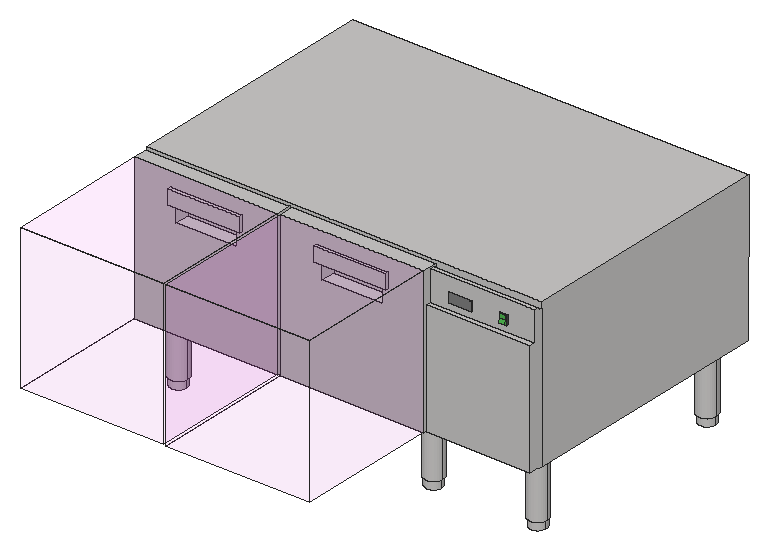
Revit family "QF_ELECTROLUXPROFESSIONAL_391603_E9TTAPCOMIN", category Specialty Equipment, Revit 2021 (continued)
Automatic sketch dimensions
  Split face 157 sketch curve to Split face 157 sketch curve = 0.02 mm  (x2)
  Split face 157 sketch curve to Split face 157 sketch curve = 31.959 mm
  Split face 157 sketch curve to Extrusion 4 = 148.203 mm
  Split face 157 sketch curve to Split face 157 sketch curve = 4 mm
  Split face 158 sketch curve to Extrusion 4 = 110.502 mm
  Split face 158 sketch curve to Split face 158 sketch curve = 0.02 mm  (x2)
  Split face 158 sketch curve to Split face 158 sketch curve = 31.959 mm
  Split face 158 sketch curve to Extrusion 4 = 140.797 mm
  Split face 158 sketch curve to Split face 158 sketch curve = 4 mm
  Split face 159 sketch curve to Extrusion 4 = 110.502 mm
  Split face 159 sketch curve to Split face 159 sketch curve = 0.02 mm  (x2)
  Split face 159 sketch curve to Split face 159 sketch curve = 31.959 mm
  Split face 159 sketch curve to Extrusion 4 = 152.797 mm
  Split face 159 sketch curve to Split face 159 sketch curve = 4 mm
  Split face 160 sketch curve to Extrusion 4 = 110.502 mm
  Split face 160 sketch curve to Split face 160 sketch curve = 0.02 mm  (x2)
  Split face 160 sketch curve to Split face 160 sketch curve = 31.959 mm
  Split face 160 sketch curve to Extrusion 4 = 148.203 mm
  Split face 160 sketch curve to Split face 160 sketch curve = 4 mm
  Split face 161 sketch curve to Extrusion 4 = 155.502 mm
  Split face 161 sketch curve to Split face 161 sketch curve = 0.02 mm  (x2)
  Split face 161 sketch curve to Split face 161 sketch curve = 31.959 mm
  Split face 161 sketch curve to Extrusion 4 = 140.797 mm
  Split face 161 sketch curve to Split face 161 sketch curve = 4 mm
  Split face 162 sketch curve to Extrusion 4 = 155.502 mm
  Split face 162 sketch curve to Split face 162 sketch curve = 0.02 mm  (x2)
  Split face 162 sketch curve to Split face 162 sketch curve = 31.959 mm
  Split face 162 sketch curve to Extrusion 4 = 152.797 mm
  Split face 162 sketch curve to Split face 162 sketch curve = 4 mm
  Split face 163 sketch curve to Extrusion 4 = 155.502 mm
  Split face 163 sketch curve to Split face 163 sketch curve = 0.02 mm  (x2)
  Split face 163 sketch curve to Split face 163 sketch curve = 31.959 mm
  Split face 163 sketch curve to Extrusion 4 = 148.203 mm
  Split face 163 sketch curve to Split face 163 sketch curve = 4 mm
  Split face 164 sketch curve to Extrusion 4 = 144.498 mm
  Split face 164 sketch curve to Split face 164 sketch curve = 0.02 mm  (x2)
  Split face 164 sketch curve to Split face 164 sketch curve = 31.959 mm
  Split face 164 sketch curve to Extrusion 4 = 140.797 mm
  Split face 164 sketch curve to Split face 164 sketch curve = 4 mm
  Split face 165 sketch curve to Extrusion 4 = 144.498 mm
  Split face 165 sketch curve to Split face 165 sketch curve = 0.02 mm  (x2)
  Split face 165 sketch curve to Split face 165 sketch curve = 31.959 mm
  Split face 165 sketch curve to Extrusion 4 = 152.797 mm
  Split face 165 sketch curve to Split face 165 sketch curve = 4 mm
  Split face 166 sketch curve to Extrusion 4 = 144.498 mm
  Split face 166 sketch curve to Split face 166 sketch curve = 0.02 mm  (x2)
  Split face 166 sketch curve to Split face 166 sketch curve = 31.959 mm
  Split face 166 sketch curve to Extrusion 4 = 148.203 mm
  Split face 166 sketch curve to Split face 166 sketch curve = 4 mm
  Split face 167 sketch curve to Extrusion 4 = 99.499 mm
  Split face 167 sketch curve to Split face 167 sketch curve = 0.02 mm  (x2)
  Split face 167 sketch curve to Split face 167 sketch curve = 31.959 mm
  Split face 167 sketch curve to Extrusion 4 = 140.797 mm
  Split face 167 sketch curve to Split face 167 sketch curve = 4 mm
  Split face 168 sketch curve to Extrusion 4 = 99.499 mm
  Split face 168 sketch curve to Split face 168 sketch curve = 0.02 mm  (x2)
  Split face 168 sketch curve to Split face 168 sketch curve = 31.959 mm
  Split face 168 sketch curve to Extrusion 4 = 152.797 mm
  Split face 168 sketch curve to Split face 168 sketch curve = 4 mm
  Split face 169 sketch curve to Extrusion 4 = 99.499 mm
  Split face 169 sketch curve to Split face 169 sketch curve = 0.02 mm  (x2)
  Split face 169 sketch curve to Split face 169 sketch curve = 31.959 mm
  Split face 169 sketch curve to Extrusion 4 = 148.203 mm
  Split face 169 sketch curve to Split face 169 sketch curve = 4 mm
  Split face 170 sketch curve to Extrusion 4 = 54.499 mm
  Split face 170 sketch curve to Split face 170 sketch curve = 0.02 mm  (x2)
  Split face 170 sketch curve to Extrusion 4 = 22.519 mm
  Split face 170 sketch curve to Extrusion 4 = 140.797 mm
  Split face 170 sketch curve to Split face 170 sketch curve = 4 mm
  Split face 171 sketch curve to Extrusion 4 = 54.499 mm
  Split face 171 sketch curve to Split face 171 sketch curve = 0.02 mm  (x2)
  Split face 171 sketch curve to Extrusion 4 = 22.519 mm
  Split face 171 sketch curve to Extrusion 4 = 152.797 mm
  Split face 171 sketch curve to Split face 171 sketch curve = 4 mm
  Split face 172 sketch curve to Extrusion 4 = 54.499 mm
  Split face 172 sketch curve to Split face 172 sketch curve = 0.02 mm  (x2)
  Split face 172 sketch curve to Extrusion 4 = 22.519 mm
  Split face 172 sketch curve to Extrusion 4 = 148.203 mm
  Split face 172 sketch curve to Split face 172 sketch curve = 4 mm
  Extrusion 9 sketch curve to Extrusion 2 = 15 mm  (x2)
  Extrusion 2 to Extrusion 9 sketch curve = 31.031 mm
  Extrusion 9 sketch curve to Extrusion 2 = 13.969 mm
  plane 4 to Extrusion 10 sketch curve = 1.587 mm
  Extrusion 10 sketch curve to plane 17 = 8.498 mm
  Extrusion 10 sketch curve to plane 14 = 75.198 mm
  Extrusion 10 sketch curve to plane 3 "Centro (Sinistra/Destra)" = 32.799 mm
  Extrusion 10 sketch curve to plane 3 "Centro (Sinistra/Destra)" = 156.499 mm
  Extrusion 10 sketch curve to plane 5 "TOP" = 143.294 mm
  Extrusion 10 sketch curve to plane 5 "TOP" = 65 mm
  Extrusion 10 sketch curve to plane 5 "TOP" = 9.006 mm
  Extrusion 11 sketch curve to Extrusion 10 = 15 mm  (x2)
  Extrusion 10 to Extrusion 11 sketch curve = 31.031 mm
  Extrusion 11 sketch curve to Extrusion 10 = 13.969 mm
  Extrusion 1 sketch curve to plane 18 = 0 mm
  Extrusion 1 sketch curve to plane 9 "RIGHT" = 1 mm
  Extrusion 12 sketch curve to plane 20 = 30 mm
  Extrusion 12 sketch curve to plane 21 = 0 mm
  Extrusion 1 sketch curve to plane 6 "BACK" = 70 mm
  curve 1 to plane 18 = 0 mm
  curve 15 to plane 18 = 0 mm
  curve 5 to plane 11 = 0 mm
  curve 3 to plane 19 = 0 mm
  curve 17 to plane 10 = 0 mm
  curve 2 to plane 22 = 0 mm
  curve 13 to plane 3 "Centro (Sinistra/Destra)" = 164.999 mm
  curve 9 to curve 10 = 8.5 mm
  curve 12 to plane 17 = 8.498 mm
  curve 10 to plane 7 "FRONT" = 123 mm
  curve 9 to plane 7 "FRONT" = 123 mm
  curve 13 to curve 9 = 40 mm
  curve 16 to curve 10 = 40 mm
  curve 2 to curve 5 = 20 mm
  curve 6 to curve 9 = 20 mm
  curve 10 to curve 7 = 20 mm
  curve 8 to curve 10 = 20 mm
  radius of Split face 2 sketch curve = 1.2 mm
  radius of Split face 3 sketch curve = 1.2 mm
  radius of Split face 4 sketch curve = 1.2 mm
  radius of Split face 5 sketch curve = 1.2 mm
  radius of Split face 6 sketch curve = 1.2 mm
  radius of Split face 7 sketch curve = 1.2 mm
  radius of Extrusion 12 sketch curve = 6 mm
Nested families
  nested 1: "Foot H200" at (-545, -350, 0), type "Foot H200"
  nested 2: "Foot H200" at (-545, 292, 0), type "Foot H200"
  nested 3: "Foot H200" at (229, -350, 0) x (-1, 0, 0) z (0, 0, 1), type "Foot H200"
  nested 4: "Foot H200" at (229, 292, 0) x (-1, 0, 0) z (0, 0, 1), type "Foot H200"
  nested 5: "Foot H200" at (545, -350, 0) x (-1, 0, 0) z (0, 0, 1), type "Foot H200"
  nested 6: "Foot H200" at (545, 292, 0) x (-1, 0, 0) z (0, 0, 1), type "Foot H200"
  nested 7: "01_Refrigerator" at (350, -250, 0), type "01_Refrigerator"
Connectors
  electrical at (560, 260, 189.987)
    settings: on Extrusion 12, index 1, voltage 0 V, apparent load 0 VA, apparent load phase1 0 VA, apparent load phase2 0 VA, apparent load phase3 0 VA, power factor 1, load classification "Altro", number of poles 1, system type 30, power factor state 1, is connector primary yes, connector utility no, sub classification motor no, connector description "Electrical"
Definition of nested family "Foot H200"
  Parameters (values of type "Foot H200")
    Default Elevation = 0 mm
  Reference planes
    plane 1 "Centro (Fronte/Retro)": y = 0
    plane 2: z = 0
    plane 3 "Centro (Sinistra/Destra)": x = 0
    plane 4: z = 200
  Forms (mm)
    Revolve 1, solid
      sketch origin (255.05, 0, 608.09) x (0, 0, 1) y (-1, 0, 0)
        loop
          line (-608.09, 255.05) -> (-608.09, 230.05) -> (-583.09, 230.05) -> (-583.09, 226.05) -> (-408.09, 226.05) -> (-408.09, 255.05) -> (-608.09, 255.05)
        axis (-608.09, 255.05) -> (-408.09, 255.05)
      angle from 0 to 360
  Dimensions and locks
    Revolve 1 sketch curve to Revolve 1 sketch curve = 175 mm
    plane 4 to level = 200 mm
    aligned and locked: level to plane 2
    aligned and locked: plane 4 to Revolve 1 sketch curve
    aligned and locked: Revolve 1 sketch curve to level
    aligned and locked: plane 3 "Centro (Sinistra/Destra)" to Revolve 1 sketch curve
Definition of nested family "01_Refrigerator"
  Reference planes
    plane 1 "Center (Front/Back)": y = 0
    plane 2: z = 0
    plane 3 "Center (Left/Right)": x = 0
  Lines and regions (mm)
    detail lines, in view "Ref. Level"
      curve 1: line (0, -60, 0) -> (0, 60, 0)
      curve 2: line (-51.962, 30, 0) -> (51.962, -30, 0)
      curve 3: line (-51.962, -30, 0) -> (51.962, 30, 0)
      curve 4: line (19.116, 56.873, 0) -> (0, 35, 0)
      curve 5: line (0, 35, 0) -> (-19.116, 56.873, 0)
      curve 6: line (-30.311, 17.5, 0) -> (-40, 45.883, 0)
      curve 7: line (-59.736, 11.7, 0) -> (-30.311, 17.5, 0)
      curve 8: line (-30.311, -17.5, 0) -> (-59.736, -11.7, 0)
      curve 9: line (-40, -45.883, 0) -> (-30.311, -17.5, 0)
      curve 10: line (0, -35, 0) -> (-19.116, -56.873, 0)
      curve 11: line (19.116, -56.873, 0) -> (0, -35, 0)
      curve 12: line (30.311, -17.5, 0) -> (39.696, -44.992, 0)
      curve 13: line (58.812, -11.882, 0) -> (30.311, -17.5, 0)
      curve 14: line (30.311, 17.5, 0) -> (58.812, 11.882, 0)
      curve 15: line (39.696, 44.992, 0) -> (30.311, 17.5, 0)
      curve 16: spline (-200, 0, 0) -> (-193.185, -23.294, 0) -> (-173.205, -45, 0) -> (-141.421, -63.64, 0) -> (-100, -77.942, 0) -> (-51.764, -86.933, 0) -> (0, -90, 0) -> (51.764, -86.933, 0) -> (100, -77.942, 0) -> (141.421, -63.64, 0) -> (173.205, -45, 0) -> (193.185, -23.294, 0) -> (200, 0, 0) -> (193.185, 23.294, 0) -> (173.205, 45, 0) -> (141.421, 63.64, 0) -> (100, 77.942, 0) -> (51.764, 86.933, 0) -> (0, 90, 0) -> (-51.764, 86.933, 0) -> (-100, 77.942, 0) -> (-141.421, 63.64, 0) -> (-173.205, 45, 0) -> (-193.185, 23.294, 0) -> (-200, 0, 0)
